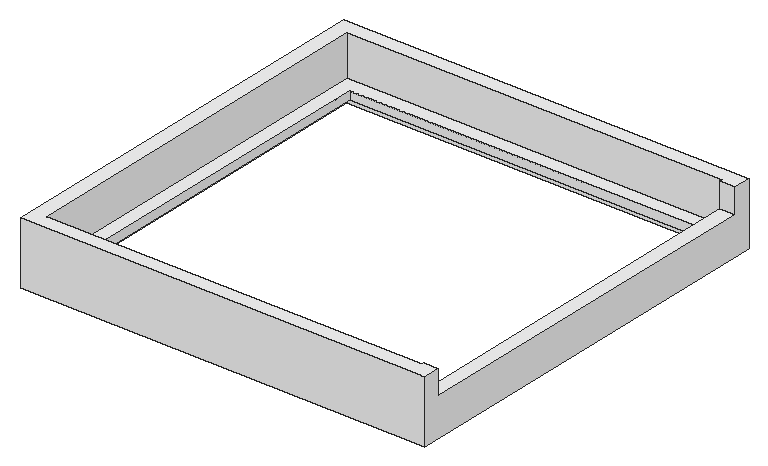
Revit family "Gira_0282600", category Electrical Fixtures, host Face, Revit 2017
Family settings
  Host = Face
  Maintain Annotation Orientation = No
  Round Connector Dimension = Use Diameter
  Part Type = Normal
  Cut with Voids When Loaded = No
  Shared = No
  Room Calculation Point = No
Parameters (values of type "Adapterrahmen quadr. 50 x 50 mm System 55 Edelstahl(lack.)")
  URL = "http://katalog.gira.de/de_DE/datenblatt.html?artikelnr=0282600"
  Region = "DE"
  Name = "Adapterrahmen quadr. 50 x 50 mm System 55 Edelstahl(lack.)"
  Mit Textfeld = "No"
  Mit Klappdeckel = "No"
  Manufacturer URL = "https://www.gira.de/"
  Keynote = "Sys55_Adapterrahmen_50x50"
  HeinzeBIM = "https://bimportal.heinze.de/bim/adapterrahmen-quadr-50-x-50-mm-system-55-edelstahl-lack-/0c81d034bae664377120f3d04773daf6b48056be"
  HAN = "0282600"
  GTIN = "4010337022015"
  Farbe = "edelstahl"
  Default Elevation = 1219.2 mm
  Data sheet (1) = "https://katalog.gira.de/de_DE/download.html?artikelnr=0282600"
  Category = "Übergangsadapter für Installationsschalterprogramme"
  Available = "Yes"
  Abschließbar = "No"
  Abmessungen = "quadratisch 50 mm / quadratisch 50 mm"
Reference planes
  plane 1 "Center (Front/Back)": y = 0
  plane 2: z = 0
  plane 3 "Center (Left/Right)": x = 0
  plane 4: y = 27.7
  plane 5: y = -27.7
  plane 6: x = 27.7
  plane 7: x = -27.7
  plane 8: y = -25.4
  plane 9: y = 25.4
Forms (mm)
  Extrusion 1, solid, material "White", detail levels fine
    sketch origin (0, 0, 0) x (1, 0, 0) y (0, 1, 0)
      loop
        line (-27.7, 27.7) -> (-27.7, -27.7) -> (27.7, -27.7) -> (27.7, 27.7) -> (-27.7, 27.7)
      loop
        line (-25.7, 25.7) -> (-25.7, -25.7) -> (25.7, -25.7) -> (25.7, 25.7) -> (-25.7, 25.7)
    from 0 to 8.6
  Extrusion 2, solid, material "White", detail levels fine
    sketch origin (0, 0, 0) x (1, 0, 0) y (0, 1, 0)
      loop
        line (-25.7, 25.7) -> (-25.7, -25.7) -> (25.7, -25.7) -> (25.7, 25.7) -> (-25.7, 25.7)
      loop
        line (-23.7, 23.7) -> (-23.7, -23.7) -> (23.7, -23.7) -> (23.7, 23.7) -> (-23.7, 23.7)
    from 1.9 to 3.1
  Extrusion 3, void, detail levels fine
    sketch origin (0, 0, 0) x (1, 0, 0) y (0, 1, 0)
      loop
        line (27.7, 25.4) -> (25.7, 25.4) -> (25.7, -25.4) -> (27.7, -25.4) -> (27.7, 25.4)
    from 5.2 to 10
  Extrusion 4, solid, material "White", detail levels coarse+medium
    sketch origin (0, 0, 0) x (1, 0, 0) y (0, 1, 0)
      loop
        line (-27.7, 27.7) -> (-27.7, -27.7) -> (27.7, -27.7) -> (27.7, 27.7) -> (-27.7, 27.7)
    from 0 to 8.6
Cuts and joins
  Extrusion 3 cuts Extrusion 1
  Extrusion 3 cuts Extrusion 2
Dimensions and locks
  aligned and locked: plane 2 to host face
  aligned and locked: level to host face
